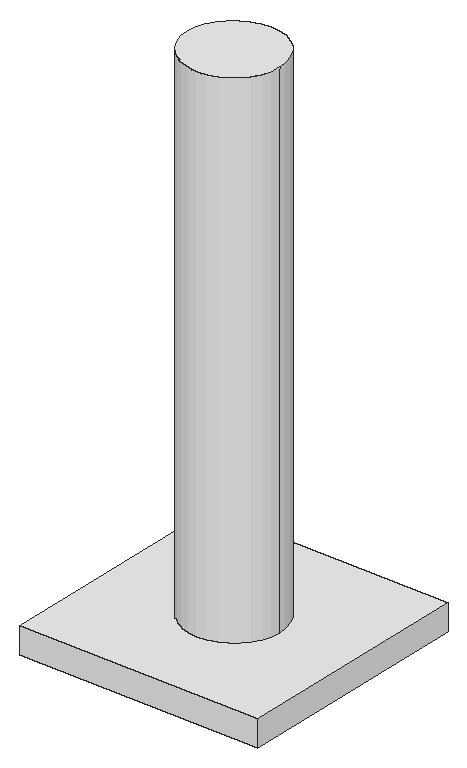
Revit family "KEUCO_59545010102", category Allgemeines Modell, Revit 2016
Family settings
  Teiletyp = Normal
  Kann Basisbauteil für Bewehrung sein = Nein
  Bemaßung runder Anschluss = Durchmesser verwenden
  Arbeitsebenenbasiert = Ja
  Immer vertikal = Nein
  Beim Laden mit Abzugskörper schneiden = Nein
  Gemeinsam genutzt = Nein
  Raumberechnungspunkt = Nein
Parameters (values of type "59545010102")
  Verwendung = "DU / WA"  # constant formula
  Preisgruppe = ""
  Kategorie = ""
  Gewicht = 0
  Breite = 202 mm
  URL = "https://www.keuco.com/de/produkte/sortiment/artikel/?pid=59545&oid=2&pgo=8&country=de&lang=de&vid=59545010102"
  Materialien bei Hersteller anfragen = "Anfrage zu:  objektmanagement@keuco.de"
  Beschreibung = "mit eckiger Rosette,\r\npassend für alle UP-Armaturen"
  Default Elevation = 1219.2 mm
  Serie = "Plan"  # constant formula
  Material = Stahl, verchromt
  Hersteller = "KEUCO"  # constant formula
  Assembly Code = ""
  Ausschreibungstext = "KEUCO IXMO Wanneneinlauf DN 15, 59545010102,\r\nhochglanzverchromter Wanneneinlauf DN 15 \r\nin zeitloser Formensprache, \r\npassend für alle Unterputz-Armaturen, \r\neckige Rosette 90 mm x 90 mm, \r\nGesamtausladung 202 mm, Wasseraustritt bei 180 mm, \r\nWasseranschluss G 1/2 Zoll, Durchmesser 35 mm, \r\nempfohlene Funktionseinheit: 59547000170 \r\nin Kombination mit Montageschiene 5957000001-3"
  Artikelnummer = "59545010102"
Types (2, lengths in mm): name | URL | Beschreibung
  (no name) | "https://www.keuco.com" | "--"
  59545010102 | "https://www.keuco.com/de/produkte/sortiment/artikel/?pid=59545&oid=2&pgo=8&country=de&lang=de&vid=59545010102" | "mit eckiger Rosette,\r\npassend für alle UP-Armaturen"
Values of the unnamed type that differ from the named types
  Materialien bei Hersteller anfragen = "Request to:  objektmanagement@keuco.de"
  Ausschreibungstext = ""
Reference planes
  plane 1 "Center (Front/Back)": y = 0
  plane 2: z = 0
  plane 3 "Center (Left/Right)": x = 0
  plane 4: z = 202
  plane 5: z = 36
Forms (mm)
  Extrusion 1, solid, material "Stahl, verchromt" <- "Material"
    sketch origin (0, 16.5, 20) x (0, 1, 0) y (-1, 0, 0)
      loop
        line (28.5, 45) -> (-61.5, 45) -> (-61.5, -45) -> (28.5, -45) -> (28.5, 45)
    from -20 to -10
  Extrusion 2, solid, material "Stahl, verchromt" <- "Material"
    sketch origin (0, 16.5, 20) x (0, 1, 0) y (-1, 0, 0)
      loop
        circle (-16.5, 0) r 17.5
    from -10 to 182
Dimensions and locks
  "Breite": plane 4 to plane 2
  plane 5 to plane 2 = 36 mm
  aligned and locked: level to plane 2
  aligned and locked: plane 4 to Extrusion 2
Automatic sketch dimensions
  plane 1 "Center (Front/Back)" to Extrusion 1 sketch curve = 45 mm
  Extrusion 1 sketch curve to plane 1 "Center (Front/Back)" = 45 mm
  plane 3 "Center (Left/Right)" to Extrusion 1 sketch curve = 45 mm
  Extrusion 1 sketch curve to plane 3 "Center (Left/Right)" = 45 mm
  plane 1 "Center (Front/Back)" to Extrusion 2 sketch curve = 0 mm
  Extrusion 2 sketch curve to plane 3 "Center (Left/Right)" = 0 mm
  radius of Extrusion 2 sketch curve = 17.5 mm
